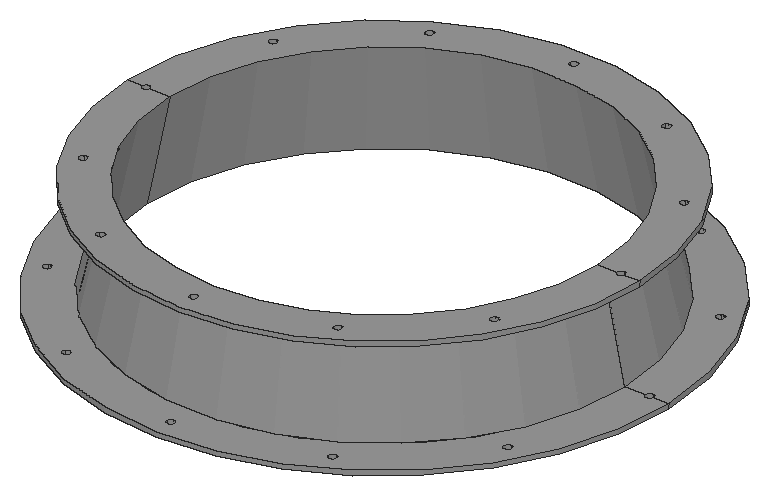
Revit family "ВК-ВО_Eng", category Duct Accessories, Revit 2021
Family settings
  Round Connector Dimension = Use Diameter
  Part Type = Attaches To
  Work Plane-Based = No
  Always vertical = Yes
  Cut with Voids When Loaded = No
  Shared = No
Parameters (values of type "VK-VO-450")
  Weight = 3.30 kg
  Load Classification = "HVAC"  # constant formula
  Length = H  # 110 mm
  Diameter = F2  # 600 mm
  Default Elevation = 0 mm
  Manufacturer = "Vents"  # constant formula
  n = 12
  f2 = F2 / 2  # 300 mm
  f1 = F1 / 2  # 280 mm
  f = F / 2  # 250 mm
  d = 8 mm
  URL = "https://ventilation-system.com/series/vk-vo"
  R2 = D2 / 2  # 270 mm
  R1 = D1 / 2  # 250 mm
  R = D / 2  # 225 mm
  Maintenance zone material = none
  H = 110 mm
  F2 = 600 mm
  F1 = 560 mm
  F = 500 mm
  D2 = 540 mm
  D1 = 500 mm
  D = 450 mm
  Casing Material = Metal, painted, blue, matte RAL 5007
  09_System_Name [instance] = ""
  00_20_Type = "VK-VO-450"
  00_20_Name = "Inlet cone"  # constant formula
  00_20_Manufacturer = "Vents"  # constant formula
Types (12, lengths in mm): name | Weight | Length | Diameter | n | f2 | f1 | f | d | R2 | R1 | R | H | F2 | F1 | F | D2 | D1 | D | 00_20_Type
  (no name) | 3.30 kg | 110 | 600 | 12 | 300 | 280 | 250 | 8 | 270 | 250 | 225 | 110 | 600 | 560 | 500 | 540 | 500 | 450 | "VK-VO-450"
  VK-VO-400 | 2.70 kg | 95 | 540 | 12 | 270 | 250 | 225 | 8 | 245 | 225 | 200 | 95 | 540 | 500 | 450 | 490 | 450 | 400 | "VK-VO-400"
  VK-VO-1250 | 53.50 kg | 285 | 1550 | 20 | 775 | 735 | 700 | 15 | 700 | 660 | 625 | 285 | 1550 | 1470 | 1400 | 1400 | 1320 | 1250 | "VK-VO-1250"
  VK-VO-450 | 3.30 kg | 110 | 600 | 12 | 300 | 280 | 250 | 8 | 270 | 250 | 225 | 110 | 600 | 560 | 500 | 540 | 500 | 450 | "VK-VO-450"
  VK-VO-500 | 4.00 kg | 120 | 660 | 12 | 330 | 310 | 280 | 12 | 300 | 280 | 250 | 120 | 660 | 620 | 560 | 600 | 560 | 500 | "VK-VO-500"
  VK-VO-560 | 4.65 kg | 135 | 730 | 12 | 365 | 345 | 315 | 12 | 330 | 310 | 280 | 135 | 730 | 690 | 630 | 660 | 620 | 560 | "VK-VO-560"
  VK-VO-630 | 6.80 kg | 150 | 810 | 12 | 405 | 385 | 355 | 12 | 365 | 345 | 315 | 150 | 810 | 770 | 710 | 730 | 690 | 630 | "VK-VO-630"
  VK-VO-710 | 12.00 kg | 170 | 900 | 16 | 450 | 430 | 400 | 12 | 405 | 385 | 355 | 170 | 900 | 860 | 800 | 810 | 770 | 710 | "VK-VO-710"
  VK-VO-800 | 15.00 kg | 190 | 1015 | 16 | 507.5 | 485 | 450 | 12 | 450 | 430 | 400 | 190 | 1015 | 970 | 900 | 900 | 860 | 800 | "VK-VO-800"
  VK-VO-900 | 21.00 kg | 210 | 1115 | 16 | 557.5 | 535 | 500 | 15 | 507.5 | 485 | 450 | 210 | 1115 | 1070 | 1000 | 1015 | 970 | 900 | "VK-VO-900"
  VK-VO-1000 | 36.70 kg | 240 | 1270 | 16 | 635 | 595 | 560 | 15 | 557.5 | 535 | 500 | 240 | 1270 | 1190 | 1120 | 1115 | 1070 | 1000 | "VK-VO-1000"
  VK-VO-1120 | 45.00 kg | 255 | 1400 | 20 | 700 | 660 | 625 | 15 | 635 | 595 | 560 | 255 | 1400 | 1320 | 1250 | 1270 | 1190 | 1120 | "VK-VO-1120"
Reference planes
  plane 1 "По центру (Вперед/Назад)": y = 0
  plane 2: z = 0
  plane 3 "По центру (Влево/Вправо)": x = 0
Forms (mm)
  Revolve 1, solid, material "Metal, painted, blue, matte RAL 5007" <- "Casing Material"
    sketch origin (0, 0, 0) x (1, 0, 0) y (0, 0, 1)
      loop
        line (250, 0) -> (300, 0) -> (300, 5) -> (253.991, 5) -> (231.264, 105) -> (270, 105) -> (270, 110) -> (225, 110) -> (250, 0)
      axis (0, 0) -> (0, 110)
    angle from 0 to 360
  Extrusion 2, void
    sketch origin (0, 27.517, 0) x (1, 0, 0) y (0, 1, 0)
      loop
        circle (0, 222.483) r 4
    from 105 to 110 <- "H"
  Extrusion 3, void
    sketch origin (13.758, 23.83, 0) x (0.866025, -0.5, 0) y (0.5, 0.866025, 0)
      loop
        circle (0, 222.483) r 4
    from 105 to 110 <- "H"
  Extrusion 4, void
    sketch origin (-13.758, 23.83, 0) x (0.866025, 0.5, 0) y (-0.5, 0.866025, 0)
      loop
        circle (0, 222.483) r 4
    from 105 to 110 <- "H"
  Extrusion 5, void
    sketch origin (-23.83, 13.758, 0) x (0.5, 0.866025, 0) y (-0.866025, 0.5, 0)
      loop
        circle (0, 222.483) r 4
    from 105 to 110 <- "H"
  Extrusion 6, void
    sketch origin (-27.517, 0, 0) x (0, 1, 0) y (-1, 0, 0)
      loop
        circle (0, 222.483) r 4
    from 105 to 110 <- "H"
  Extrusion 7, void
    sketch origin (-23.83, -13.758, 0) x (-0.5, 0.866025, 0) y (-0.866025, -0.5, 0)
      loop
        circle (0, 222.483) r 4
    from 105 to 110 <- "H"
  Extrusion 8, void
    sketch origin (-13.758, -23.83, 0) x (-0.866025, 0.5, 0) y (-0.5, -0.866025, 0)
      loop
        circle (0, 222.483) r 4
    from 105 to 110 <- "H"
  Extrusion 9, void
    sketch origin (0, -27.517, 0) x (-1, 0, 0) y (0, -1, 0)
      loop
        circle (0, 222.483) r 4
    from 105 to 110 <- "H"
  Extrusion 10, void
    sketch origin (13.758, -23.83, 0) x (-0.866025, -0.5, 0) y (0.5, -0.866025, 0)
      loop
        circle (0, 222.483) r 4
    from 105 to 110 <- "H"
  Extrusion 11, void
    sketch origin (23.83, -13.758, 0) x (-0.5, -0.866025, 0) y (0.866025, -0.5, 0)
      loop
        circle (0, 222.483) r 4
    from 105 to 110 <- "H"
  Extrusion 12, void
    sketch origin (27.517, 0, 0) x (0, -1, 0) y (1, 0, 0)
      loop
        circle (0, 222.483) r 4
    from 105 to 110 <- "H"
  Extrusion 13, void
    sketch origin (23.83, 13.758, 0) x (0.5, -0.866025, 0) y (0.866025, 0.5, 0)
      loop
        circle (0, 222.483) r 4
    from 105 to 110 <- "H"
  Extrusion 14, void
    sketch origin (0, 24.67, 0) x (1, 0, 0) y (0, 1, 0)
      loop
        circle (0, 255.33) r 4
    from 5 to 0
  Extrusion 15, void
    sketch origin (12.335, 21.365, 0) x (0.866025, -0.5, 0) y (0.5, 0.866025, 0)
      loop
        circle (0, 255.33) r 4
    from 5 to 0
  Extrusion 16, void
    sketch origin (-12.335, 21.365, 0) x (0.866025, 0.5, 0) y (-0.5, 0.866025, 0)
      loop
        circle (0, 255.33) r 4
    from 5 to 0
  Extrusion 17, void
    sketch origin (-21.365, 12.335, 0) x (0.5, 0.866025, 0) y (-0.866025, 0.5, 0)
      loop
        circle (0, 255.33) r 4
    from 5 to 0
  Extrusion 18, void
    sketch origin (-24.67, 0, 0) x (0, 1, 0) y (-1, 0, 0)
      loop
        circle (0, 255.33) r 4
    from 5 to 0
  Extrusion 19, void
    sketch origin (-21.365, -12.335, 0) x (-0.5, 0.866025, 0) y (-0.866025, -0.5, 0)
      loop
        circle (0, 255.33) r 4
    from 5 to 0
  Extrusion 20, void
    sketch origin (-12.335, -21.365, 0) x (-0.866025, 0.5, 0) y (-0.5, -0.866025, 0)
      loop
        circle (0, 255.33) r 4
    from 5 to 0
  Extrusion 21, void
    sketch origin (0, -24.67, 0) x (-1, 0, 0) y (0, -1, 0)
      loop
        circle (0, 255.33) r 4
    from 5 to 0
  Extrusion 22, void
    sketch origin (12.335, -21.365, 0) x (-0.866025, -0.5, 0) y (0.5, -0.866025, 0)
      loop
        circle (0, 255.33) r 4
    from 5 to 0
  Extrusion 23, void
    sketch origin (21.365, -12.335, 0) x (-0.5, -0.866025, 0) y (0.866025, -0.5, 0)
      loop
        circle (0, 255.33) r 4
    from 5 to 0
  Extrusion 24, void
    sketch origin (24.67, 0, 0) x (0, -1, 0) y (1, 0, 0)
      loop
        circle (0, 255.33) r 4
    from 5 to 0
  Extrusion 25, void
    sketch origin (21.365, 12.335, 0) x (0.5, -0.866025, 0) y (0.866025, 0.5, 0)
      loop
        circle (0, 255.33) r 4
    from 5 to 0
Cuts and joins
  Extrusion 2, Extrusion 3, Extrusion 4, Extrusion 5, Extrusion 6, Extrusion 7, Extrusion 8, Extrusion 9, Extrusion 10, Extrusion 11, Extrusion 12, Extrusion 13, Extrusion 14, Extrusion 15, Extrusion 16, Extrusion 17, Extrusion 18, Extrusion 19, Extrusion 20, Extrusion 21, Extrusion 22, Extrusion 23, Extrusion 24, Extrusion 25 cuts Revolve 1
Dimensions and locks
  "R2": Revolve 1 sketch curve to plane 3 "По центру (Влево/Вправо)"
  "f2": Revolve 1 sketch curve to plane 3 "По центру (Влево/Вправо)"
  locked: Revolve 1 sketch curve to Revolve 1 sketch curve at 5  (x2)
  locked: Revolve 1 sketch curve to level at 5
  "H": Revolve 1 sketch curve to level
  "R": Revolve 1 sketch curve to plane 3 "По центру (Влево/Вправо)"
  "f": Revolve 1 sketch curve to plane 3 "По центру (Влево/Вправо)"
  Extrusion 2 to level = 110 mm
  locked: Extrusion 2 to Extrusion 2 at 5
  locked: Extrusion 3 to Extrusion 3 at 5
  locked: Extrusion 4 to Extrusion 4 at 5
  locked: Extrusion 5 to Extrusion 5 at 5
  locked: Extrusion 6 to Extrusion 6 at 5
  locked: Extrusion 7 to Extrusion 7 at 5
  locked: Extrusion 8 to Extrusion 8 at 5
  locked: Extrusion 9 to Extrusion 9 at 5
  locked: Extrusion 10 to Extrusion 10 at 5
  locked: Extrusion 11 to Extrusion 11 at 5
  locked: Extrusion 12 to Extrusion 12 at 5
  locked: Extrusion 13 to Extrusion 13 at 5
  locked: Extrusion 14 to Extrusion 14 at 5
  locked: Extrusion 15 to Extrusion 15 at 5
  locked: Extrusion 16 to Extrusion 16 at 5
  locked: Extrusion 17 to Extrusion 17 at 5
  locked: Extrusion 18 to Extrusion 18 at 5
  locked: Extrusion 19 to Extrusion 19 at 5
  locked: Extrusion 20 to Extrusion 20 at 5
  locked: Extrusion 21 to Extrusion 21 at 5
  locked: Extrusion 22 to Extrusion 22 at 5
  locked: Extrusion 23 to Extrusion 23 at 5
  locked: Extrusion 24 to Extrusion 24 at 5
  locked: Extrusion 25 to Extrusion 25 at 5
  "d": diameter of Extrusion 2 sketch curve
  "d": diameter of Extrusion 3 sketch curve
  "d": diameter of Extrusion 4 sketch curve
  "R1": radius of radial array
  "d": diameter of Extrusion 5 sketch curve
  "d": diameter of Extrusion 6 sketch curve
  "d": diameter of Extrusion 7 sketch curve
  "d": diameter of Extrusion 8 sketch curve
  "d": diameter of Extrusion 9 sketch curve
  "d": diameter of Extrusion 10 sketch curve
  "d": diameter of Extrusion 11 sketch curve
  "d": diameter of Extrusion 12 sketch curve
  "d": diameter of Extrusion 13 sketch curve
  "d": diameter of Extrusion 14 sketch curve
  "d": diameter of Extrusion 15 sketch curve
  "d": diameter of Extrusion 16 sketch curve
  "f1": radius of radial array
  "d": diameter of Extrusion 17 sketch curve
  "d": diameter of Extrusion 18 sketch curve
  "d": diameter of Extrusion 19 sketch curve
  "d": diameter of Extrusion 20 sketch curve
  "d": diameter of Extrusion 21 sketch curve
  "d": diameter of Extrusion 22 sketch curve
  "d": diameter of Extrusion 23 sketch curve
  "d": diameter of Extrusion 24 sketch curve
  "d": diameter of Extrusion 25 sketch curve
  aligned and locked: level to plane 2
  aligned and locked: Revolve 1 sketch curve to level
  aligned and locked: Extrusion 14 to level
Automatic sketch dimensions
  Revolve 1 sketch curve to plane 3 "По центру (Влево/Вправо)" = 0 mm
  level to Revolve 1 sketch curve = 35 mm
  Revolve 1 sketch curve to Revolve 1 sketch curve = 120 mm
